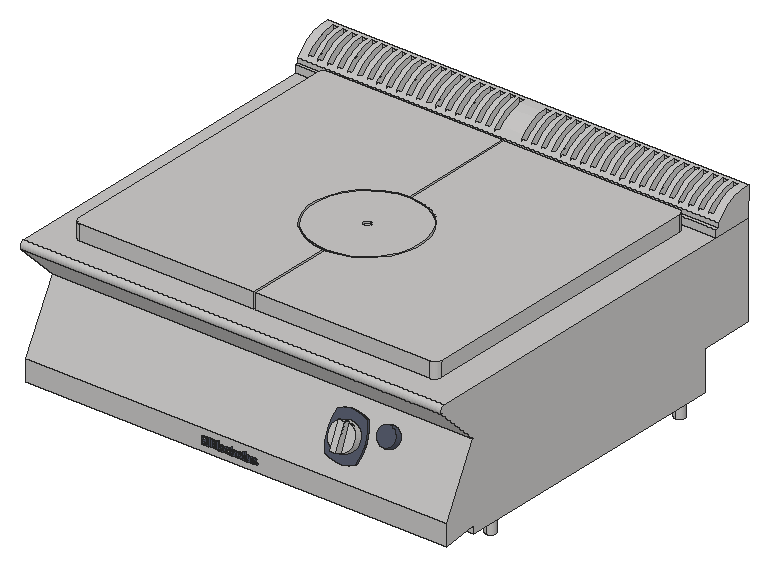
Revit family "QF_ELECTROLUXPROFESSIONAL_371007_E7STGH1000", category Specialty Equipment, Revit 2018 (continued)
Automatic sketch dimensions
  curve 32 to curve 35 = 9.397 mm
  plane 3 "LEFT" to curve 20 = 55 mm
  curve 35 to curve 37 = 9.296 mm
  curve 18 to curve 17 = 12.7 mm
  curve 19 to curve 21 = 12.7 mm
  curve 37 to curve 39 = 9.397 mm
  curve 39 to curve 40 = 9.296 mm
  curve 41 to curve 43 = 9.397 mm
  curve 43 to curve 46 = 9.296 mm
  curve 44 to curve 47 = 9.397 mm
  curve 47 to curve 50 = 9.296 mm
  curve 49 to curve 51 = 9.397 mm
  curve 51 to curve 54 = 9.296 mm
  curve 53 to curve 55 = 9.397 mm
  curve 55 to curve 58 = 9.296 mm
  curve 57 to curve 62 = 9.397 mm
  curve 59 to curve 60 = 9.296 mm
  curve 61 to curve 66 = 9.397 mm
  curve 63 to curve 64 = 9.296 mm
  curve 65 to curve 70 = 9.397 mm
  curve 67 to curve 68 = 9.296 mm
  curve 69 to curve 74 = 9.397 mm
  curve 71 to curve 73 = 9.296 mm
  curve 73 to curve 78 = 9.397 mm
  curve 75 to curve 77 = 9.296 mm
  curve 77 to curve 110 = 9.397 mm
  curve 107 to curve 109 = 9.296 mm
  curve 108 to curve 104 = 9.397 mm
  curve 103 to curve 105 = 9.296 mm
  curve 105 to curve 102 = 9.397 mm
  curve 99 to curve 101 = 9.296 mm
  curve 101 to curve 95 = 9.397 mm
  curve 95 to curve 96 = 9.296 mm
  curve 97 to curve 91 = 9.397 mm
  curve 91 to curve 92 = 9.296 mm
  curve 93 to curve 87 = 9.397 mm
  curve 87 to curve 88 = 9.296 mm
  curve 89 to curve 86 = 9.397 mm
  curve 83 to curve 84 = 9.296 mm
  curve 21 to plane 7 "Center Y" = 1.587 mm
  curve 16 to plane 7 "Center Y" = 1.429 mm
  curve 10 to plane 7 "Center Y" = 0.119 mm
  plane 7 "Center Y" to curve 15 = 0.318 mm
  plane 7 "Center Y" to curve 10 = 1.289 mm
  plane 7 "Center Y" to curve 10 = 1.528 mm
  plane 1 "BACK" to curve 79 = 6.761 mm
  plane 7 "Center Y" to curve 79 = 20.698 mm
  curve 79 to curve 82 = 9.296 mm
  curve 80 to curve 111 = 9.397 mm
  curve 111 to curve 113 = 9.296 mm
  curve 112 to curve 116 = 9.397 mm
  curve 115 to curve 116 = 9.296 mm
  curve 116 to curve 120 = 9.397 mm
  curve 119 to curve 120 = 9.296 mm
  curve 120 to curve 123 = 9.397 mm
  curve 123 to curve 126 = 9.296 mm
  curve 124 to curve 128 = 9.397 mm
  curve 127 to curve 130 = 9.296 mm
  curve 128 to curve 131 = 9.397 mm
  curve 131 to curve 134 = 9.296 mm
  curve 132 to curve 136 = 9.397 mm
  curve 135 to curve 138 = 9.296 mm
  curve 136 to curve 139 = 9.397 mm
  curve 139 to curve 141 = 9.296 mm
  curve 141 to curve 146 = 9.397 mm
  curve 143 to curve 145 = 9.296 mm
  curve 144 to curve 148 = 9.397 mm
  curve 147 to curve 149 = 9.296 mm
  curve 148 to curve 152 = 9.397 mm
  curve 151 to curve 153 = 9.296 mm
  curve 152 to curve 156 = 9.397 mm
  curve 155 to curve 156 = 9.296 mm
  curve 156 to curve 159 = 9.397 mm
  curve 159 to curve 160 = 9.296 mm
  curve 161 to curve 163 = 9.397 mm
  curve 163 to curve 166 = 9.296 mm
  curve 165 to curve 170 = 9.397 mm
  curve 167 to curve 168 = 9.296 mm
  curve 168 to curve 171 = 9.397 mm
  curve 171 to curve 173 = 9.296 mm
  curve 12 to plane 4 "RIGHT" = 67.7 mm
  curve 173 to curve 8 = 3.225 mm
  curve 172 to curve 175 = 9.397 mm
  curve 5 to curve 5 = 12.7 mm
  curve 175 to curve 177 = 9.296 mm
  curve 176 to curve 180 = 9.397 mm
  curve 179 to curve 181 = 9.296 mm
  curve 180 to curve 184 = 9.397 mm
  curve 183 to curve 185 = 9.296 mm
  plane 4 "RIGHT" to curve 190 = 150 mm
  plane 5 "FRONT" to curve 2 = 0.129 mm
  curve 187 to plane 5 "FRONT" = 14.038 mm
  curve 21 to plane 5 "FRONT" = 57.7 mm
  curve 12 to curve 21 = 0 mm
  curve 10 to plane 8 "Center X" = 143.194 mm
  curve 11 to curve 22 = 0.013 mm
  curve 11 to curve 14 = 3.194 mm
  curve 23 to plane 8 "Center X" = 47 mm
  curve 24 to curve 10 = 6.998 mm
  curve 10 to curve 14 = 0.002 mm
  curve 13 to curve 15 = 0.002 mm
  plane 1 "BACK" to curve 7 = 95 mm
  plane 1 "BACK" to curve 18 = 95 mm
  curve 7 to curve 25 = 18.8 mm
  curve 25 to curve 26 = 6.35 mm
  curve 26 to curve 30 = 5.939 mm
  curve 29 to curve 31 = 0 mm
  curve 26 to curve 186 = 5.939 mm
  curve 33 to curve 35 = 0 mm
  curve 182 to curve 183 = 0 mm
  curve 37 to curve 39 = 0 mm
  curve 178 to curve 179 = 0 mm
  curve 41 to curve 43 = 0 mm
  curve 174 to curve 175 = 0 mm
  curve 45 to curve 47 = 0 mm
  curve 170 to curve 171 = 0 mm
  curve 49 to curve 51 = 0 mm
  curve 166 to curve 167 = 0 mm
  curve 53 to curve 55 = 0 mm
  curve 162 to curve 163 = 0 mm
  curve 57 to curve 59 = 0 mm
  curve 158 to curve 159 = 0 mm
  curve 61 to curve 63 = 0 mm
  curve 154 to curve 155 = 0 mm
  curve 65 to curve 67 = 0 mm
  curve 150 to curve 151 = 0 mm
  curve 69 to curve 71 = 0 mm
  curve 146 to curve 147 = 0 mm
  curve 73 to curve 75 = 0 mm
  curve 142 to curve 143 = 0 mm
  curve 8 to curve 79 = 18.389 mm
  curve 138 to curve 139 = 0 mm
  curve 16 to curve 83 = 18.389 mm
  curve 134 to curve 135 = 0 mm
  curve 87 to curve 83 = 0 mm
  curve 130 to curve 131 = 0 mm
  curve 91 to curve 87 = 0 mm
  curve 126 to curve 127 = 0 mm
  curve 122 to curve 123 = 0 mm
  curve 97 to curve 91 = 0 mm
  curve 99 to curve 95 = 0 mm
  curve 118 to curve 119 = 0 mm
  curve 103 to curve 99 = 0 mm
  curve 81 to curve 114 = 0 mm
  curve 77 to curve 107 = 0 mm
  plane 1 "BACK" to curve 108 = 6.761 mm
  plane 1 "BACK" to curve 111 = 6.761 mm
  plane 1 "BACK" to curve 105 = 6.761 mm
  plane 1 "BACK" to curve 115 = 6.761 mm
  plane 1 "BACK" to curve 101 = 6.761 mm
  plane 1 "BACK" to curve 119 = 6.761 mm
  plane 1 "BACK" to curve 97 = 6.761 mm
  plane 1 "BACK" to curve 123 = 6.761 mm
  plane 1 "BACK" to curve 93 = 6.761 mm
  plane 1 "BACK" to curve 127 = 6.761 mm
  plane 1 "BACK" to curve 89 = 6.761 mm
  plane 1 "BACK" to curve 131 = 6.761 mm
  plane 1 "BACK" to curve 85 = 6.761 mm
  plane 1 "BACK" to curve 135 = 6.761 mm
  plane 1 "BACK" to curve 139 = 6.761 mm
  plane 1 "BACK" to curve 77 = 6.761 mm
  plane 1 "BACK" to curve 143 = 6.761 mm
  plane 1 "BACK" to curve 73 = 6.761 mm
  plane 1 "BACK" to curve 147 = 6.761 mm
  plane 1 "BACK" to curve 69 = 6.761 mm
  plane 1 "BACK" to curve 151 = 6.761 mm
  plane 1 "BACK" to curve 65 = 6.761 mm
  plane 1 "BACK" to curve 155 = 6.761 mm
  plane 1 "BACK" to curve 61 = 6.761 mm
  plane 1 "BACK" to curve 159 = 6.761 mm
  plane 1 "BACK" to curve 57 = 6.761 mm
  plane 1 "BACK" to curve 163 = 6.761 mm
  plane 1 "BACK" to curve 53 = 6.761 mm
  plane 1 "BACK" to curve 167 = 6.761 mm
  plane 1 "BACK" to curve 49 = 6.761 mm
  plane 1 "BACK" to curve 171 = 6.761 mm
  plane 1 "BACK" to curve 45 = 6.761 mm
  plane 1 "BACK" to curve 175 = 6.761 mm
  plane 1 "BACK" to curve 41 = 6.761 mm
  plane 1 "BACK" to curve 179 = 6.761 mm
  plane 1 "BACK" to curve 37 = 6.761 mm
  plane 1 "BACK" to curve 183 = 6.761 mm
  plane 1 "BACK" to curve 33 = 6.761 mm
  plane 1 "BACK" to curve 29 = 6.761 mm
  curve 189 to plane 1 "BACK" = 150 mm
  Extrusion 5 sketch curve to Extrusion 5 sketch curve = 0 mm  (x3)
  Extrusion 5 sketch curve to Extrusion 1 = 82.3 mm
  Extrusion 5 sketch curve to Extrusion 5 sketch curve = 12.7 mm  (x4)
  Extrusion 5 sketch curve to Extrusion 5 sketch curve = 219.511 mm
  Extrusion 5 sketch curve to Extrusion 5 sketch curve = 0.002 mm  (x3)
  Extrusion 5 sketch curve to Extrusion 5 sketch curve = 103.185 mm
  Extrusion 5 sketch curve to Extrusion 5 sketch curve = 103.179 mm
  Extrusion 5 sketch curve to Extrusion 5 sketch curve = 0.013 mm
  Extrusion 5 sketch curve to Extrusion 1 = 61.9 mm  (x2)
  Extrusion 1 to Extrusion 5 sketch curve = 55 mm
  Extrusion 5 sketch curve to Extrusion 5 sketch curve = 330.713 mm
  Extrusion 5 sketch curve to Extrusion 5 sketch curve = 330.871 mm
  Extrusion 5 sketch curve to Extrusion 5 sketch curve = 0.437 mm
  Extrusion 5 sketch curve to Extrusion 5 sketch curve = 0.119 mm
  Extrusion 5 sketch curve to Extrusion 5 sketch curve = 2.877 mm
  Extrusion 1 to Extrusion 5 sketch curve = 67.7 mm
  radius of Extrusion 4 sketch curve = 6.35 mm
  radius of Extrusion 11 sketch curve = 25.4 mm
  radius of Extrusion 12 sketch curve to Extrusion 11 = 0 mm  (x2)
  radius of Extrusion 13 sketch curve = 17.78 mm
  radius of Extrusion 5 sketch curve = 100 mm
  radius of Extrusion 5 sketch curve = 7 mm
Connectors
  piping at (400, -76.2, 60.325), diameter 12.8
    settings: on Extrusion 4, index 1, connector inside diameter 0.50394", connector length 0 mm, flow factor 0, pipe flow 0 GPM, pressure drop 0.00 psi, fitting loss kfactor 0, connector angle 0.00°, fixture units 0, engagement length 0 mm, angle of deflection 0.00°, flow configuration 1, flow direction 1, fitting loss method 0, system type 7, joint type 0, gender type 0, connector reference index -1, connector utility 0, adjustable connector no, is connector primary yes, connector description "Gas Inlet"
